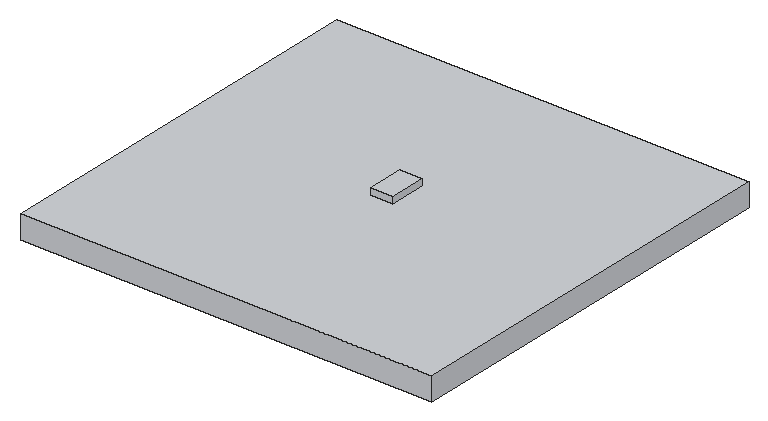
Revit family "M_Estação de tração manual", category Dispositivos de alarme de incêndio, Revit 2019
Family settings
  Hospedeiro = Face
  Manter orientação da anotação = Sim
  Cota do conector redondo = Utilizar diâmetro
  Tipo de parte = Normal
  Número OmniClass = 23.85.30.14.24
  Título OmniClass = Manual Alert Control
  ID de item do Seek = Manual Pull Station-0000-CAN-ENU
  Corte com vazios quando carregada = Não
  Compartilhado = Não
  Ponto de cálculo do ambiente = Não
Parameters (values of type "Padrão")
  Legenda = "M"
  Elevação-padrão = 1200 mm
Reference planes
  plane 1 "Centro (Frente/Trás)": y = 0
  plane 2: z = 0
  plane 3 "Centro (Esquerda/Direita)": x = 0
  plane 4: x = -34.925
  plane 5: x = 34.925
  plane 6: x = -19.05
  plane 7: x = 19.05
  plane 8: y = 57.15
  plane 9: y = -57.15
  plane 10: y = 38.1
  plane 11: y = -38.1
  plane 12 "nível acima": z = 19.05
  plane 13 "nível abaixo": z = -53.975
Forms (mm)
  Extrusion 1, solid
    sketch origin (0, 0, 0) x (1, 0, 0) y (0, 1, 0)
      loop
        line (-644.525, 571.5) -> (-644.525, -666.75) -> (644.525, -666.75) -> (644.525, 571.5) -> (-644.525, 571.5)
    from 0 to -72.672
  Extrusion 2, solid
    sketch origin (0, 0, 0) x (1, 0, 0) y (0, 1, 0)
      loop
        line (-34.925, 57.15) -> (-34.925, -57.15) -> (34.925, -57.15) -> (34.925, 57.15) -> (-34.925, 57.15)
    from 0 to 19.05
  Extrusion 3, solid
    sketch origin (0, 0, 0) x (1, 0, 0) y (0, 1, 0)
      loop
        line (-19.05, 38.1) -> (-19.05, -38.1) -> (19.05, -38.1) -> (19.05, 38.1) -> (-19.05, 38.1)
    from 0 to -53.975
Lines and regions (mm)
  symbolic lines, detail levels fine
    curve 1: line (34.925, 0, 0) -> (-34.925, 0, 0)
    curve 2: line (34.925, 0, 19.05) -> (34.925, 0, 0)
    curve 3: line (-34.925, 0, 19.05) -> (34.925, 0, 19.05)
    curve 4: line (-34.925, 0, 0) -> (-34.925, 0, 19.05)
    curve 5: line (19.05, 0, -53.975) -> (-19.05, 0, -53.975)
    curve 6: line (19.05, 0, 0) -> (19.05, 0, -53.975)
    curve 7: line (-19.05, 0, -53.975) -> (-19.05, 0, 0)
Dimensions and locks
  equal spacing: plane 6, plane 3 "Centro (Esquerda/Direita)", plane 7, locked at 19.05 each
  locked: plane 6 to plane 7 at 38.1
  equal spacing: plane 4, plane 3 "Centro (Esquerda/Direita)", plane 5, locked at 34.925 each
  locked: plane 4 to plane 5 at 69.85
  locked: plane 8 to plane 9 at 114.3
  locked: plane 12 "nível acima" to level at 19.05
  locked: level to plane 13 "nível abaixo" at 53.975
  locked: plane 10 to plane 11 at 76.2
  equal spacing: plane 10, plane 1 "Centro (Frente/Trás)", plane 11, locked at 38.1 each
  equal spacing: plane 8, plane 1 "Centro (Frente/Trás)", plane 9, locked at 57.15 each
  aligned and locked: plane 2 to Extrusion 1
  aligned and locked: level to Extrusion 1
  aligned and locked: plane 8 to Extrusion 2
  aligned and locked: Extrusion 2 to plane 9
  aligned and locked: plane 5 to Extrusion 2
  aligned and locked: Extrusion 2 to plane 4
  aligned and locked: Extrusion 2 to level
  aligned and locked: plane 12 "nível acima" to Extrusion 2
  aligned and locked: plane 10 to Extrusion 3
  aligned and locked: Extrusion 3 to plane 6
  aligned and locked: plane 7 to Extrusion 3
  aligned and locked: Extrusion 3 to plane 11
  aligned and locked: Extrusion 3 to level
  aligned and locked: Extrusion 3 to plane 13 "nível abaixo"
  aligned and locked: curve 4 to plane 4
  aligned and locked: plane 5 to curve 2
  aligned and locked: curve 3 to plane 12 "nível acima"
  aligned and locked: plane 2 to curve 1
  aligned and locked: curve 7 to plane 6
  aligned and locked: plane 7 to curve 6
  aligned and locked: plane 13 "nível abaixo" to curve 5
Automatic sketch dimensions
  Extrusion 2 sketch curve to plane 4 = 0 mm
  Extrusion 2 sketch curve to plane 5 = 0 mm
  Extrusion 2 sketch curve to plane 9 = 0 mm
  Extrusion 2 sketch curve to plane 8 = 0 mm
  Extrusion 3 sketch curve to plane 6 = 0 mm
  Extrusion 3 sketch curve to plane 7 = 0 mm
  Extrusion 3 sketch curve to plane 11 = 0 mm
  Extrusion 3 sketch curve to plane 10 = 0 mm
  Extrusion 1 sketch curve to Extrusion 1 sketch curve = 1289.05 mm
  Extrusion 1 sketch curve to Extrusion 1 sketch curve = 1238.25 mm
Nested families
  nested 1: "M_Anotação de tração manual" at (0.591, 2.479, 0), type "Anotação de puxar manual", detail levels coarse+medium
Connectors
  electrical at (0, 38.1, -26.988)
    settings: on Extrusion 3, index 1, voltage 120 V, apparent load 0 VA, apparent load phase1 0 VA, apparent load phase2 0 VA, apparent load phase3 0 VA, power factor 1, load classification "Iluminação", number of poles 1, system type 11, power factor state 1, is connector primary yes, connector utility no, sub classification motor no, connector description ""
Definition of nested family "M_Anotação de tração manual"
  Parameters
    Legenda = "M"
  Reference planes
    plane 1: y = 0
    plane 2: x = 0
  Lines and regions (mm)
    detail lines
      curve 1: line (-1.587, 3.175, 0) -> (1.587, 3.175, 0)
      curve 2: line (-1.587, 0, 0) -> (-1.587, 3.175, 0)
      curve 3: line (1.587, 0, 0) -> (-1.587, 0, 0)
      curve 4: line (1.587, 3.175, 0) -> (1.587, 0, 0)
  Text (mm)
    label "M" at (-0.028, 1.587, 0), shows "Legenda"
